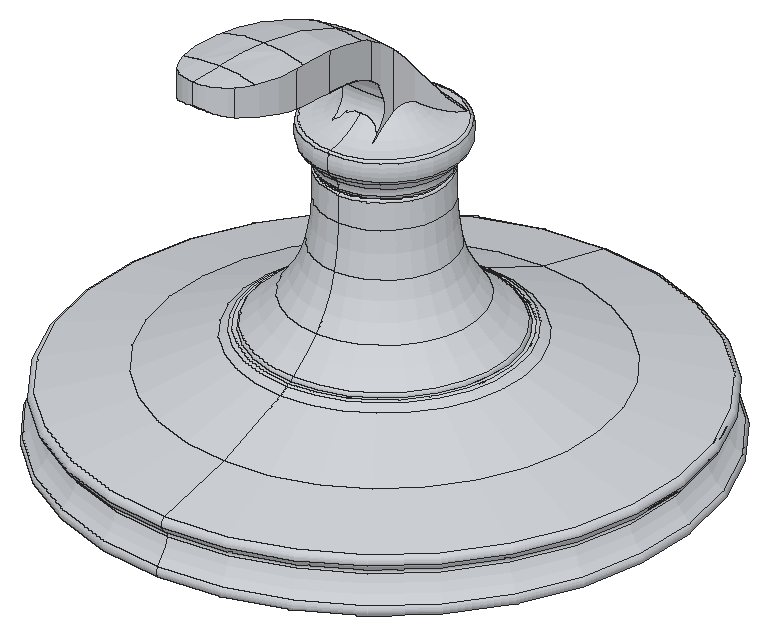
Revit family "Shower-Valve_Trim-KOHLER-BELLERA-K-TS23948", category Specialty Equipment, host Face, Revit 2017
Family settings
  Host = Face
  Round Connector Dimension = Use Diameter
  Part Type = Normal
  OmniClass Number = 23.31.25.00
  OmniClass Title = Toilet and Bath Specialties
  Cut with Voids When Loaded = No
  Shared = No
  Room Calculation Point = No
Parameters (values of type "4, CP-Polished Chrome")
  Width = 6 11/16"  # constant formula
  WaterSense Certified = 1 = 0  # no
  URL = "https://www.us.kohler.com/us/"
  Type = 1
  Product Page URL = "http://www.us.kohler.com/us/catalog/productDetails.jsp?productId=TS23948-4"
  Product Name = "BELLERA"  # constant formula
  Product Documentation Link = "https://www.us.kohler.com/webassets/kpna/catalog/pdf/en/K-TS23948-4_spec_US-CA_Kohler_en.pdf"
  Model = if(Type = 1, "K-TS23948-4-CP", if(Type = 2, "K-TS23948-4-BN", if(Type = 3, "K-TS23948-4-BL", if(Type = 4, "K-TS23948-4G-CP", if(Type = 5, "K-TS23948-4G-BN", if(Type = 6, "K-TS23948-4G-2BZ", "NA"))))))  # "K-TS23948-4-CP"
  Material = "Premium Metal Construction"  # constant formula
  Master Format 2014 Name = "Toilet, Bath, and Laundry Accessories"  # constant formula
  Master Format 2014 = "10 28 00"  # constant formula
  Manufacturer Address = "444 Highland Dr, Kohler, WI 53044"  # constant formula
  Manufacturer = "KOHLER Co."  # constant formula
  Length = 5"  # constant formula
  Height = 6 11/16"  # constant formula
  Handle Clearance = 2 13/16"  # constant formula
  Finish = Kohler-Metal-CP-Polished_Chrome
  Environmental Product Declaration = ""
  Description = "1H P/B VALVE FAUCET TRIM"  # constant formula
  Default Elevation = 42"
  Declare Label = ""
  Date Modified = "12/14/2021"  # constant formula
  Date Created = "12/14/2021"  # constant formula
  Copyright = "Copyright KOHLER Co."  # constant formula
  Contact Us = "https://www.us.kohler.com/us/static/contact.jsp"
  Assembly Code = "C1030200"
  ADA Compliant = 1 = 0  # no
Types (7): name | Type | Product Page URL | Product Documentation Link | Model | Finish
  (no name) | 1 | "http://www.us.kohler.com/us/catalog/productDetails.jsp?productId=TS23948-4" | "https://www.us.kohler.com/webassets/kpna/catalog/pdf/en/K-TS23948-4_spec_US-CA_Kohler_en.pdf" | "K-TS23948-4-CP" | Kohler-Metal-CP-Polished_Chrome
  4, CP-Polished Chrome | 1 | "http://www.us.kohler.com/us/catalog/productDetails.jsp?productId=TS23948-4" | "https://www.us.kohler.com/webassets/kpna/catalog/pdf/en/K-TS23948-4_spec_US-CA_Kohler_en.pdf" | "K-TS23948-4-CP" | Kohler-Metal-CP-Polished_Chrome
  4, BN-Vibrant Brushed Nickel | 2 | "http://www.us.kohler.com/us/catalog/productDetails.jsp?productId=TS23948-4" | "https://www.us.kohler.com/webassets/kpna/catalog/pdf/en/K-TS23948-4_spec_US-CA_Kohler_en.pdf" | "K-TS23948-4-BN" | Kohler-Metal-BN-Vibrant_Brushed_Nickel
  4, BL-Matte Black | 3 | "http://www.us.kohler.com/us/catalog/productDetails.jsp?productId=TS23948-4" | "https://www.us.kohler.com/webassets/kpna/catalog/pdf/en/K-TS23948-4_spec_US-CA_Kohler_en.pdf" | "K-TS23948-4-BL" | Kohler-Metal-BL-Matte_Black
  4G, CP-Polished Chrome | 4 | "http://www.us.kohler.com/us/catalog/productDetails.jsp?productId=TS23948-4G" | "https://www.us.kohler.com/webassets/kpna/catalog/pdf/en/K-TS23948-4G_spec_US-CA_Kohler_en.pdf" | "K-TS23948-4G-CP" | Kohler-Metal-CP-Polished_Chrome
  4G, BN-Vibrant Brushed Nickel | 5 | "http://www.us.kohler.com/us/catalog/productDetails.jsp?productId=TS23948-4G" | "https://www.us.kohler.com/webassets/kpna/catalog/pdf/en/K-TS23948-4G_spec_US-CA_Kohler_en.pdf" | "K-TS23948-4G-BN" | Kohler-Metal-BN-Vibrant_Brushed_Nickel
  4G, 2BZ-Oil Rubbed Bronze | 6 | "http://www.us.kohler.com/us/catalog/productDetails.jsp?productId=TS23948-4G" | "https://www.us.kohler.com/webassets/kpna/catalog/pdf/en/K-TS23948-4G_spec_US-CA_Kohler_en.pdf" | "K-TS23948-4G-2BZ" | Kohler-Metal-2BZ-Oil_Rubbed_Bronze
Reference planes (in)
  plane 1 "Center (Front/Back)": y = 0
  plane 2: z = 0
  plane 3 "Center (Left/Right)": x = 0
  plane 4: y = 3.34375
  plane 5: y = -2.8125
  plane 6: y = -3.34375
  plane 7: x = -3.34375
  plane 8: x = 3.34375
  plane 9: z = 5
  plane 10: z = 3.39397
Dimensions and locks (in)
  "Width": plane 7 to plane 8
  "Height": plane 4 to plane 6
  "Length": plane 9 to level
  "Handle Clearance": plane 1 "Center (Front/Back)" to plane 5
  aligned and locked: plane 2 to host face
  aligned and locked: level to host face
Automatic sketch dimensions
  host sketch curve to host sketch curve = 96"  (x2)
Nested families (in)
  nested 1: "K-TS23948" at (0, 0, 0), type "K-TS23948"
Definition of nested family "K-TS23948"
  Parameters (values of type "K-TS23948")
    Material = none
  Reference planes (in)
    plane 1 "Center (Front/Back)": y = 0
    plane 2: z = 0
    plane 3 "Center (Left/Right)": x = 0
    plane 4: x = -3.34375
    plane 5: x = 3.34375
    plane 6: y = 3.34375
    plane 7: y = -3.34375
    plane 8: y = -2.8125
    plane 9: z = 5
    plane 10: z = 3.39397
  Forms (in)
    Revolve 1, solid, material <- "Material", detail levels medium+fine
      sketch origin (0, 0, 0) x (0, 1, 0) y (0, 0, 1)
        loop
          line (0, 3.68492) -> (-0.27226, 3.68492)
          arc (-0.27226, 3.68492) -> (-0.49786, 3.47939) -> (-0.79043, 3.39251) r 0.68361
          arc (-0.79043, 3.39251) -> (-0.81006, 3.38491) -> (-0.82176, 3.36741) r 0.03495
          arc (-0.82176, 3.36741) -> (-0.83348, 3.26523) -> (-0.81059, 3.16497) r 0.30523
          arc (-0.81059, 3.16497) -> (-0.79888, 3.14366) -> (-0.78283, 3.1254) r 0.11175
          arc (-0.78283, 3.1254) -> (-0.74004, 3.08217) -> (-0.70172, 3.03493) r 0.61613
          arc (-0.70172, 3.03493) -> (-0.67551, 2.98689) -> (-0.6628, 2.93366) r 0.20698
          arc (-0.6628, 2.93366) -> (-0.65283, 2.91399) -> (-0.63226, 2.90608) r 0.0307
          line (-0.63226, 2.90608) -> (-0.54325, 2.90608)
          arc (-0.54325, 2.90608) -> (-0.54961, 2.89186) -> (-0.56405, 2.88604) r 0.02082
          line (-0.56405, 2.88604) -> (-0.64135, 2.88604)
          arc (-0.64135, 2.88604) -> (-0.65642, 2.87995) -> (-0.66304, 2.86509) r 0.02171
          arc (-0.66304, 2.86509) -> (-0.6669, 2.7221) -> (-0.66846, 2.57906) r 8.87166
          arc (-0.66846, 2.57906) -> (-0.683, 2.33363) -> (-0.72507, 2.09139) r 2.18137
          arc (-0.72507, 2.09139) -> (-0.82872, 1.80794) -> (-0.99789, 1.55801) r 1.23761
          arc (-0.99789, 1.55801) -> (-1.15773, 1.39416) -> (-1.33479, 1.24909) r 2.05566
          arc (-1.33479, 1.24909) -> (-1.34976, 1.23057) -> (-1.35355, 1.20706) r 0.04629
          line (-1.35355, 1.20706) -> (-1.39687, 1.20706)
          arc (-1.39687, 1.20706) -> (-1.41743, 1.20394) -> (-1.43613, 1.19487) r 0.06933
          arc (-1.43613, 1.19487) -> (-1.48037, 1.16622) -> (-1.52611, 1.14004) r 0.96378
          arc (-1.52611, 1.14004) -> (-1.92509, 0.95144) -> (-2.34121, 0.80449) r 4.32467
          arc (-2.34121, 0.80449) -> (-2.77597, 0.68989) -> (-3.21694, 0.60219) r 7.32165
          arc (-3.21694, 0.60219) -> (-3.26413, 0.56967) -> (-3.26937, 0.5126) r 0.06758
          arc (-3.26937, 0.5126) -> (-3.24105, 0.46513) -> (-3.19702, 0.43171) r 0.145
          arc (-3.19702, 0.43171) -> (-3.17517, 0.40892) -> (-3.17309, 0.37742) r 0.04615
          arc (-3.17309, 0.37742) -> (-3.23205, 0.24087) -> (-3.32283, 0.12306) r 0.59922
          arc (-3.32283, 0.12306) -> (-3.33819, 0.04443) -> (-3.27153, 0) r 0.07222
          line (-3.27153, 0) -> (0, 0) -> (0, 3.68492)
        axis (0, 3.68492) -> (0, 0)
      angle from 0 to 360
    Sweep 2, solid, material <- "Material", detail levels medium+fine
      path origin (0, 0, 0) x (0, 1, 0) y (0, 0, 1)
        loop
          line (0, 3.35373) -> (0, 3.48014)
          arc (0, 3.48014) -> (-0.14808, 3.94081) -> (-0.53686, 4.2289) r 0.79058
          line (-0.53686, 4.2289) -> (-2.8125, 5)
      profile origin (0, 0, 3.41693) x (0, -1, 0) y (1, 0, 0)
        loop
          circle (0, 0) r 0.77002
    Extrusion 3, void
      sketch origin (0, 0, 0) x (1, 0, 0) y (0, 1, 0)
        loop
          arc (-0.33613, -2.61437) -> (-0.46654, -2.26579) -> (-0.48992, -1.89435) r 1.26561
          arc (-0.48992, -1.89435) -> (-0.46066, -1.60963) -> (-0.42133, -1.32612) r 8.08229
          arc (-0.42133, -1.32612) -> (-0.35188, -0.92616) -> (-0.26934, -0.52869) r 12.37515
          arc (-0.26934, -0.52869) -> (-0.24598, -0.3594) -> (-0.25127, -0.18858) r 1.01807
          arc (-0.25127, -0.18858) -> (-0.5845, 0.67885) -> (-1.29499, 1.27776) r 1.86476
          line (-1.29499, 1.27776) -> (-1.29499, -3.13205) -> (0, -3.13205) -> (1.29499, -3.13205) -> (1.29499, 1.27776)
          arc (1.29499, 1.27776) -> (0.5845, 0.67885) -> (0.25127, -0.18858) r 1.86476
          arc (0.25127, -0.18858) -> (0.24598, -0.3594) -> (0.26934, -0.52869) r 1.01807
          arc (0.26934, -0.52869) -> (0.35188, -0.92616) -> (0.42133, -1.32612) r 12.37515
          arc (0.42133, -1.32612) -> (0.46066, -1.60963) -> (0.48992, -1.89435) r 8.08229
          arc (0.48992, -1.89435) -> (0.46654, -2.26579) -> (0.33613, -2.61437) r 1.26561
          arc (0.33613, -2.61437) -> (0.19509, -2.75928) -> (0, -2.8125) r 0.38419
          arc (0, -2.8125) -> (-0.19509, -2.75928) -> (-0.33613, -2.61437) r 0.38419
      from 2.72813 to 6.37032
    Sweep 4, void
      path origin (0, 0.0625, 0) x (0, 1, 0) y (0, 0, 1)
        loop
          line (-3.14453, 5) -> (-2.48284, 5)
          arc (-2.48284, 5) -> (-2.1566, 4.98944) -> (-1.83173, 4.95779) r 5.04356
          arc (-1.83173, 4.95779) -> (-1.28877, 4.84406) -> (-0.76971, 4.64834) r 3.60406
          arc (-0.76971, 4.64834) -> (-0.31538, 4.36278) -> (0.05531, 3.97477) r 2.17747
          arc (0.05531, 3.97477) -> (0.43299, 3.55756) -> (0.88379, 3.22068) r 2.91575
      profile origin (0, -2.75119, 5) x (0, 0, 1) y (1, 0, 0)
        loop
          line (-0.21834, -0.87779) -> (0.20712, -0.87779) -> (0.20712, 0) -> (0.20712, 0.87779) -> (-0.21834, 0.87779)
          arc (-0.21834, 0.87779) -> (-0.05541, 0.45227) -> (0, 0) r 1.87364
          arc (0, 0) -> (-0.05541, -0.45227) -> (-0.21834, -0.87779) r 1.87364
    Extrusion 5, void
      sketch origin (0, 0, 0) x (0, 1, 0) y (0, 0, 1)
        loop
          arc (-1.74753, 5.12445) -> (-1.17926, 5.00541) -> (-0.63599, 4.80056) r 3.77212
          arc (-0.63599, 4.80056) -> (-0.14659, 4.49296) -> (0.25271, 4.07501) r 2.34553
          arc (0.25271, 4.07501) -> (0.50751, 3.78158) -> (0.80382, 3.53012) r 2.55887
          line (0.80382, 3.53012) -> (0.80382, 4.94075) -> (-2.59087, 5.77578) -> (-2.7968, 5.16806) -> (-2.42034, 5.16806)
          arc (-2.42034, 5.16806) -> (-2.08323, 5.15715) -> (-1.74753, 5.12445) r 5.21162
      from -1.06275 to 1.45429
    Sweep 6, void
      path origin (0, -0.03125, -0.03906) x (0, 1, 0) y (0, 0, 1)
        loop
          arc (-0.84094, 3.39397) -> (-0.6151, 3.44039) -> (-0.4109, 3.54743) r 0.82583
          arc (-0.4109, 3.54743) -> (-0.31147, 3.68072) -> (-0.30701, 3.84696) r 0.27512
          arc (-0.30701, 3.84696) -> (-0.37367, 3.98508) -> (-0.48248, 4.09316) r 0.45455
          arc (-0.48248, 4.09316) -> (-0.61883, 4.17652) -> (-0.76469, 4.24184) r 1.25247
          arc (-0.76469, 4.24184) -> (-0.87029, 4.27706) -> (-0.9781, 4.30473) r 1.57664
          arc (-0.9781, 4.30473) -> (-1.16059, 4.3417) -> (-1.34418, 4.37277) r 5.78053
          arc (-1.34418, 4.37277) -> (-1.49761, 4.39658) -> (-1.65092, 4.42113) r 32.118
          arc (-1.65092, 4.42113) -> (-1.89706, 4.46506) -> (-2.14174, 4.51653) r 8.12441
          arc (-2.14174, 4.51653) -> (-2.3565, 4.5724) -> (-2.56729, 4.64177) r 3.49789
          arc (-2.56729, 4.64177) -> (-2.783, 4.76683) -> (-2.94247, 4.95852) r 0.71307
      profile origin (0, -1.92831, 4.42599) x (0, -0.190809, -0.981627) y (1, 0, 0)
        loop
          line (-0.17616, -0.81398) -> (0.08679, -0.81398) -> (0.08679, 0.81398) -> (-0.17616, 0.81398)
          arc (-0.17616, 0.81398) -> (-0.01647, 0) -> (-0.17616, -0.81398) r 2.15437
    Extrusion 7, void
      sketch origin (0, 0, 0) x (0, 1, 0) y (0, 0, 1)
        loop
          arc (-2.18353, 4.43093) -> (-2.40123, 4.48755) -> (-2.61489, 4.55787) r 3.54562
          arc (-2.61489, 4.55787) -> (-2.73224, 4.61238) -> (-2.83865, 4.68597) r 0.76079
          line (-2.83865, 4.68597) -> (-2.94238, 4.16296) -> (-0.77263, 3.41586)
          arc (-0.77263, 3.41586) -> (-0.61427, 3.46527) -> (-0.47, 3.54713) r 0.77811
          arc (-0.47, 3.54713) -> (-0.38781, 3.6573) -> (-0.38412, 3.7947) r 0.22739
          arc (-0.38412, 3.7947) -> (-0.44379, 3.91832) -> (-0.54117, 4.01505) r 0.40682
          arc (-0.54117, 4.01505) -> (-0.67233, 4.09524) -> (-0.81263, 4.15806) r 1.20475
          arc (-0.81263, 4.15806) -> (-0.91503, 4.19221) -> (-1.01958, 4.21905) r 1.52891
          arc (-1.01958, 4.21905) -> (-1.20056, 4.25571) -> (-1.38263, 4.28653) r 5.7328
          arc (-1.38263, 4.28653) -> (-1.53629, 4.31037) -> (-1.68983, 4.33496) r 32.16572
          arc (-1.68983, 4.33496) -> (-1.93742, 4.37914) -> (-2.18353, 4.43093) r 8.17214
      from -0.7721 to 1.39633
    Revolve 8, solid, material <- "Material", detail levels coarse
      sketch origin (0, 0, 0) x (0, 1, 0) y (0, 0, 1)
        loop
          line (3.34375, 0) -> (3.34375, 0.94487) -> (1.50701, 0.94487) -> (0.81268, 3.39397) -> (0, 3.39397) -> (0, 0) -> (3.34375, 0)
        axis (0, 3.39397) -> (0, 0)
      angle from 0 to 360
    Sweep 9, solid, material <- "Material", detail levels coarse
      path origin (0, 0, 0) x (0, 1, 0) y (0, 0, 1)
        loop
          line (0, 3.39397) -> (0, 3.61825)
          arc (0, 3.61825) -> (-0.11974, 3.97755) -> (-0.43107, 4.19318) r 0.59893
          line (-0.43107, 4.19318) -> (-2.8125, 4.88849)
      profile origin (0, 0, 3.50611) x (0, -1, 0) y (1, 0, 0)
        loop
          circle (0, 0) r 0.59578
  Cuts and joins
    Extrusion 3, Sweep 4, Extrusion 5, Sweep 6, Extrusion 7 cuts Sweep 2
  Lines and regions (in)
    Masking region 1
      outline origin (0, 0, 0) x (0, 1, 0) y (0, 0, 1)
        loop
          arc (3.27153, 0) -> (3.33819, 0.04443) -> (3.32283, 0.12306) r 0.07222
          arc (3.32283, 0.12306) -> (3.23205, 0.24087) -> (3.17309, 0.37742) r 0.59922
          arc (3.17309, 0.37742) -> (3.17517, 0.40892) -> (3.19702, 0.43171) r 0.04615
          arc (3.19702, 0.43171) -> (3.24105, 0.46513) -> (3.26937, 0.5126) r 0.145
          arc (3.26937, 0.5126) -> (3.26413, 0.56967) -> (3.21694, 0.60219) r 0.06758
          arc (3.21694, 0.60219) -> (2.77597, 0.68989) -> (2.34121, 0.80449) r 7.32165
          arc (2.34121, 0.80449) -> (1.92509, 0.95144) -> (1.52611, 1.14004) r 4.32467
          arc (1.52611, 1.14004) -> (1.48037, 1.16622) -> (1.43613, 1.19487) r 0.96378
          arc (1.43613, 1.19487) -> (1.41743, 1.20394) -> (1.39687, 1.20706) r 0.06933
          line (1.39687, 1.20706) -> (1.35355, 1.20706)
          arc (1.35355, 1.20706) -> (1.34976, 1.23057) -> (1.33479, 1.24909) r 0.04629
          arc (1.33479, 1.24909) -> (1.15773, 1.39416) -> (0.99789, 1.55801) r 2.05566
          arc (0.99789, 1.55801) -> (0.82872, 1.80794) -> (0.72507, 2.09139) r 1.23761
          arc (0.72507, 2.09139) -> (0.683, 2.33363) -> (0.66846, 2.57906) r 2.18137
          arc (0.66846, 2.57906) -> (0.6669, 2.7221) -> (0.66304, 2.86509) r 8.87166
          arc (0.66304, 2.86509) -> (0.65642, 2.87995) -> (0.64135, 2.88604) r 0.02171
          line (0.64135, 2.88604) -> (0.56405, 2.88604)
          arc (0.56405, 2.88604) -> (0.54961, 2.89186) -> (0.54325, 2.90608) r 0.02082
          line (0.54325, 2.90608) -> (0.63226, 2.90608)
          arc (0.63226, 2.90608) -> (0.65283, 2.91399) -> (0.6628, 2.93366) r 0.0307
          arc (0.6628, 2.93366) -> (0.67551, 2.98689) -> (0.70172, 3.03493) r 0.20698
          arc (0.70172, 3.03493) -> (0.74004, 3.08217) -> (0.78283, 3.1254) r 0.61613
          arc (0.78283, 3.1254) -> (0.79888, 3.14366) -> (0.81059, 3.16497) r 0.11175
          arc (0.81059, 3.16497) -> (0.83348, 3.26523) -> (0.82176, 3.36741) r 0.30523
          arc (0.82176, 3.36741) -> (0.80875, 3.3864) -> (0.78701, 3.39397) r 0.03688
          arc (0.78701, 3.39397) -> (0.74482, 3.41286) -> (0.70332, 3.4332) r 1.32617
          arc (0.70332, 3.4332) -> (0.45063, 3.60167) -> (0.24289, 3.82321) r 1.32617
          arc (0.24289, 3.82321) -> (0.13498, 3.96251) -> (0.02143, 4.09725) r 4.2807
          arc (0.02143, 4.09725) -> (-0.08964, 4.21584) -> (-0.20804, 4.32712) r 2.55222
          arc (-0.20804, 4.32712) -> (-0.45191, 4.5118) -> (-0.72049, 4.65824) r 2.05552
          arc (-0.72049, 4.65824) -> (-0.93892, 4.749) -> (-1.16253, 4.8261) r 3.82974
          arc (-1.16253, 4.8261) -> (-1.39277, 4.88903) -> (-1.62678, 4.93601) r 3.47644
          arc (-1.62678, 4.93601) -> (-2.01534, 4.98399) -> (-2.40651, 5.00001) r 4.78152
          line (-2.40651, 5.00001) -> (-2.75061, 5.00001)
          arc (-2.75061, 5.00001) -> (-2.79437, 4.98189) -> (-2.8125, 4.93813) r 0.06189
          line (-2.8125, 4.93813) -> (-2.8125, 4.83885)
          arc (-2.8125, 4.83885) -> (-2.79055, 4.75726) -> (-2.73061, 4.6977) r 0.16258
          arc (-2.73061, 4.6977) -> (-2.54675, 4.60823) -> (-2.35266, 4.5439) r 1.53992
          arc (-2.35266, 4.5439) -> (-2.00216, 4.46127) -> (-1.64835, 4.39419) r 8.15567
          arc (-1.64835, 4.39419) -> (-1.37518, 4.34718) -> (-1.10251, 4.29736) r 26.9139
          arc (-1.10251, 4.29736) -> (-0.85381, 4.23364) -> (-0.61546, 4.13827) r 1.97863
          arc (-0.61546, 4.13827) -> (-0.46323, 4.03199) -> (-0.3533, 3.88237) r 0.56903
          arc (-0.3533, 3.88237) -> (-0.32585, 3.71324) -> (-0.40144, 3.55948) r 0.28182
          arc (-0.40144, 3.55948) -> (-0.57747, 3.43769) -> (-0.78701, 3.39397) r 0.53929
          arc (-0.78701, 3.39397) -> (-0.80875, 3.3864) -> (-0.82176, 3.36741) r 0.03688
          arc (-0.82176, 3.36741) -> (-0.83348, 3.26523) -> (-0.81059, 3.16497) r 0.30523
          arc (-0.81059, 3.16497) -> (-0.79888, 3.14366) -> (-0.78283, 3.1254) r 0.11175
          arc (-0.78283, 3.1254) -> (-0.74004, 3.08217) -> (-0.70172, 3.03493) r 0.61613
          arc (-0.70172, 3.03493) -> (-0.67551, 2.98689) -> (-0.6628, 2.93366) r 0.20698
          arc (-0.6628, 2.93366) -> (-0.65283, 2.91399) -> (-0.63226, 2.90608) r 0.0307
          line (-0.63226, 2.90608) -> (-0.54325, 2.90608)
          arc (-0.54325, 2.90608) -> (-0.54961, 2.89186) -> (-0.56405, 2.88604) r 0.02082
          line (-0.56405, 2.88604) -> (-0.64135, 2.88604)
          arc (-0.64135, 2.88604) -> (-0.65642, 2.87995) -> (-0.66304, 2.86509) r 0.02171
          arc (-0.66304, 2.86509) -> (-0.6669, 2.7221) -> (-0.66846, 2.57906) r 8.87166
          arc (-0.66846, 2.57906) -> (-0.683, 2.33363) -> (-0.72507, 2.09139) r 2.18137
          arc (-0.72507, 2.09139) -> (-0.82872, 1.80794) -> (-0.99789, 1.55801) r 1.23761
          arc (-0.99789, 1.55801) -> (-1.15773, 1.39416) -> (-1.33479, 1.24909) r 2.05566
          arc (-1.33479, 1.24909) -> (-1.34976, 1.23057) -> (-1.35355, 1.20706) r 0.04629
          line (-1.35355, 1.20706) -> (-1.39687, 1.20706)
          arc (-1.39687, 1.20706) -> (-1.41743, 1.20394) -> (-1.43613, 1.19487) r 0.06933
          arc (-1.43613, 1.19487) -> (-1.48037, 1.16622) -> (-1.52611, 1.14004) r 0.96378
          arc (-1.52611, 1.14004) -> (-1.92509, 0.95144) -> (-2.34121, 0.80449) r 4.32467
          arc (-2.34121, 0.80449) -> (-2.77597, 0.68989) -> (-3.21694, 0.60219) r 7.32165
          arc (-3.21694, 0.60219) -> (-3.26413, 0.56967) -> (-3.26937, 0.5126) r 0.06758
          arc (-3.26937, 0.5126) -> (-3.24105, 0.46513) -> (-3.19702, 0.43171) r 0.145
          arc (-3.19702, 0.43171) -> (-3.17517, 0.40892) -> (-3.17309, 0.37742) r 0.04615
          arc (-3.17309, 0.37742) -> (-3.23205, 0.24087) -> (-3.32283, 0.12306) r 0.59922
          arc (-3.32283, 0.12306) -> (-3.33819, 0.04443) -> (-3.27153, 0) r 0.07222
          line (-3.27153, 0) -> (0, 0) -> (3.27153, 0)
    Masking region 2
      outline origin (0, 0, 0) x (1, 0, 0) y (0, 0, 1)
        loop
          arc (3.27153, 0) -> (3.33819, 0.04443) -> (3.32283, 0.12306) r 0.07222
          arc (3.32283, 0.12306) -> (3.23205, 0.24087) -> (3.17309, 0.37742) r 0.59922
          arc (3.17309, 0.37742) -> (3.17517, 0.40892) -> (3.19702, 0.43171) r 0.04615
          arc (3.19702, 0.43171) -> (3.24105, 0.46513) -> (3.26937, 0.5126) r 0.145
          arc (3.26937, 0.5126) -> (3.26413, 0.56967) -> (3.21694, 0.60219) r 0.06758
          arc (3.21694, 0.60219) -> (2.77597, 0.68989) -> (2.34121, 0.80449) r 7.32165
          arc (2.34121, 0.80449) -> (1.92509, 0.95144) -> (1.52611, 1.14004) r 4.32467
          arc (1.52611, 1.14004) -> (1.48037, 1.16622) -> (1.43613, 1.19487) r 0.96378
          arc (1.43613, 1.19487) -> (1.41743, 1.20394) -> (1.39687, 1.20706) r 0.06933
          line (1.39687, 1.20706) -> (1.35355, 1.20706)
          arc (1.35355, 1.20706) -> (1.34976, 1.23057) -> (1.33479, 1.24909) r 0.04629
          arc (1.33479, 1.24909) -> (1.15773, 1.39416) -> (0.99789, 1.55801) r 2.05566
          arc (0.99789, 1.55801) -> (0.82872, 1.80794) -> (0.72507, 2.09139) r 1.23761
          arc (0.72507, 2.09139) -> (0.683, 2.33363) -> (0.66846, 2.57906) r 2.18137
          arc (0.66846, 2.57906) -> (0.6669, 2.7221) -> (0.66304, 2.86509) r 8.87166
          arc (0.66304, 2.86509) -> (0.65642, 2.87995) -> (0.64135, 2.88604) r 0.02171
          line (0.64135, 2.88604) -> (0.56405, 2.88604)
          arc (0.56405, 2.88604) -> (0.54961, 2.89186) -> (0.54325, 2.90608) r 0.02082
          line (0.54325, 2.90608) -> (0.63226, 2.90608)
          arc (0.63226, 2.90608) -> (0.65283, 2.91399) -> (0.6628, 2.93366) r 0.0307
          arc (0.6628, 2.93366) -> (0.67551, 2.98689) -> (0.70172, 3.03493) r 0.20698
          arc (0.70172, 3.03493) -> (0.74004, 3.08217) -> (0.78283, 3.1254) r 0.61613
          arc (0.78283, 3.1254) -> (0.79888, 3.14366) -> (0.81059, 3.16497) r 0.11175
          arc (0.81059, 3.16497) -> (0.83348, 3.26523) -> (0.82176, 3.36741) r 0.30523
          arc (0.82176, 3.36741) -> (0.80875, 3.3864) -> (0.78701, 3.39397) r 0.03688
          arc (0.78701, 3.39397) -> (0.64491, 3.41389) -> (0.51311, 3.47059) r 0.53929
          arc (0.51311, 3.47059) -> (0.47584, 3.49733) -> (0.44349, 3.52984) r 0.27733
          spline (0.44349, 3.52984) -> (0.42812, 3.56345) -> (0.41347, 3.59749) -> (0.39954, 3.63196) -> (0.38633, 3.66685) -> (0.37385, 3.70215) -> (0.36211, 3.73784) -> (0.3511, 3.77392) -> (0.34083, 3.81037) -> (0.33131, 3.84718) -> (0.32253, 3.88433) -> (0.3145, 3.92183) -> (0.30723, 3.95965)
          arc (0.30723, 3.95965) -> (0.29826, 4.00867) -> (0.28917, 4.05767) r 19.98408
          arc (0.28917, 4.05767) -> (0.28562, 4.13306) -> (0.30272, 4.20658) r 0.2749
          arc (0.30272, 4.20658) -> (0.33514, 4.272) -> (0.37919, 4.33022) r 0.38959
          arc (0.37919, 4.33022) -> (0.42971, 4.39173) -> (0.47332, 4.45832) r 0.73862
          arc (0.47332, 4.45832) -> (0.48941, 4.49698) -> (0.4949, 4.5385) r 0.15971
          line (0.4949, 4.5385) -> (0.4949, 4.89808)
          arc (0.4949, 4.89808) -> (0.48477, 4.92743) -> (0.4587, 4.94429) r 0.0476
          arc (0.4587, 4.94429) -> (0.23103, 4.98603) -> (0, 5.00001) r 1.91585
          arc (0, 5.00001) -> (-0.23103, 4.98603) -> (-0.4587, 4.94429) r 1.91585
          arc (-0.4587, 4.94429) -> (-0.48477, 4.92743) -> (-0.4949, 4.89808) r 0.0476
          line (-0.4949, 4.89808) -> (-0.4949, 4.5385)
          arc (-0.4949, 4.5385) -> (-0.48941, 4.49698) -> (-0.47332, 4.45832) r 0.15971
          arc (-0.47332, 4.45832) -> (-0.42971, 4.39173) -> (-0.37919, 4.33022) r 0.73862
          arc (-0.37919, 4.33022) -> (-0.33514, 4.272) -> (-0.30272, 4.20658) r 0.38959
          arc (-0.30272, 4.20658) -> (-0.28562, 4.13306) -> (-0.28917, 4.05767) r 0.2749
          arc (-0.28917, 4.05767) -> (-0.29826, 4.00867) -> (-0.30723, 3.95965) r 19.98408
          spline (-0.30723, 3.95965) -> (-0.31481, 3.92033) -> (-0.32321, 3.88135) -> (-0.33241, 3.84275) -> (-0.34242, 3.80452) -> (-0.35324, 3.76669) -> (-0.36486, 3.72926) -> (-0.37727, 3.69225) -> (-0.39047, 3.65567) -> (-0.40446, 3.61953) -> (-0.41924, 3.58385) -> (-0.43478, 3.54863) -> (-0.45111, 3.5139)
          arc (-0.45111, 3.5139) -> (-0.60886, 3.42536) -> (-0.78701, 3.39397) r 0.53929
          arc (-0.78701, 3.39397) -> (-0.80875, 3.3864) -> (-0.82176, 3.36741) r 0.03688
          arc (-0.82176, 3.36741) -> (-0.83348, 3.26523) -> (-0.81059, 3.16497) r 0.30523
          arc (-0.81059, 3.16497) -> (-0.79888, 3.14366) -> (-0.78283, 3.1254) r 0.11175
          arc (-0.78283, 3.1254) -> (-0.74004, 3.08217) -> (-0.70172, 3.03493) r 0.61613
          arc (-0.70172, 3.03493) -> (-0.67551, 2.98689) -> (-0.6628, 2.93366) r 0.20698
          arc (-0.6628, 2.93366) -> (-0.65283, 2.91399) -> (-0.63226, 2.90608) r 0.0307
          line (-0.63226, 2.90608) -> (-0.54325, 2.90608)
          arc (-0.54325, 2.90608) -> (-0.54961, 2.89186) -> (-0.56405, 2.88604) r 0.02082
          line (-0.56405, 2.88604) -> (-0.64135, 2.88604)
          arc (-0.64135, 2.88604) -> (-0.65642, 2.87995) -> (-0.66304, 2.86509) r 0.02171
          arc (-0.66304, 2.86509) -> (-0.6669, 2.7221) -> (-0.66846, 2.57906) r 8.87166
          arc (-0.66846, 2.57906) -> (-0.683, 2.33363) -> (-0.72507, 2.09139) r 2.18137
          arc (-0.72507, 2.09139) -> (-0.82872, 1.80794) -> (-0.99789, 1.55801) r 1.23761
          arc (-0.99789, 1.55801) -> (-1.15773, 1.39416) -> (-1.33479, 1.24909) r 2.05566
          arc (-1.33479, 1.24909) -> (-1.34976, 1.23057) -> (-1.35355, 1.20706) r 0.04629
          line (-1.35355, 1.20706) -> (-1.39687, 1.20706)
          arc (-1.39687, 1.20706) -> (-1.41743, 1.20394) -> (-1.43613, 1.19487) r 0.06933
          arc (-1.43613, 1.19487) -> (-1.48037, 1.16622) -> (-1.52611, 1.14004) r 0.96378
          arc (-1.52611, 1.14004) -> (-1.92509, 0.95144) -> (-2.34121, 0.80449) r 4.32467
          arc (-2.34121, 0.80449) -> (-2.77597, 0.68989) -> (-3.21694, 0.60219) r 7.32165
          arc (-3.21694, 0.60219) -> (-3.26413, 0.56967) -> (-3.26937, 0.5126) r 0.06758
          arc (-3.26937, 0.5126) -> (-3.24105, 0.46513) -> (-3.19702, 0.43171) r 0.145
          arc (-3.19702, 0.43171) -> (-3.17517, 0.40892) -> (-3.17309, 0.37742) r 0.04615
          arc (-3.17309, 0.37742) -> (-3.23205, 0.24087) -> (-3.32283, 0.12306) r 0.59922
          arc (-3.32283, 0.12306) -> (-3.33819, 0.04443) -> (-3.27153, 0) r 0.07222
          line (-3.27153, 0) -> (0, 0) -> (3.27153, 0)
    Masking region 3
      outline origin (0, 0, 0) x (1, 0, 0) y (0, 1, 0)
        loop
          arc (0, 3.34375) -> (-2.36439, 2.36439) -> (-3.34375, 0) r 3.34375
          arc (-3.34375, 0) -> (-2.36439, -2.36439) -> (0, -3.34375) r 3.34375
          arc (0, -3.34375) -> (2.36439, -2.36439) -> (3.34375, 0) r 3.34375
          arc (3.34375, 0) -> (2.36439, 2.36439) -> (0, 3.34375) r 3.34375
    symbolic lines, detail levels medium+fine
      curve 1: line (0, 1.35355, 1.20706) -> (0, -1.35355, 1.20706)
      curve 2: line (0, 1.49997, 1.1546) -> (0, -1.49997, 1.1546)
      curve 3: line (0, 1.33479, 1.24909) -> (0, -1.33479, 1.24909)
      curve 4: line (0, 0.54325, 2.90608) -> (0, -0.54325, 2.90608)
      curve 5: line (0, -0.56405, 2.88604) -> (0, 0.56405, 2.88604)
      curve 6: line (0, 0.66846, 2.57906) -> (0, -0.66846, 2.57906)
      curve 7: line (0, 0.83048, 3.23622) -> (0, -0.83048, 3.23622)
      curve 8: line (0, -0.78701, 3.39397) -> (0, 0.78701, 3.39397)
      curve 9: line (0, 0.82176, 3.36741) -> (0, -0.82176, 3.36741)
      curve 10: arc (0, -1.82552, 4.90538) -> (0, -2.11165, 4.93073) -> (0, -2.39851, 4.94545) r 7.73878
      curve 11: arc (0, -2.39851, 4.94545) -> (0, -2.6056, 4.947) -> (0, -2.8125, 4.93813) r 4.11082
      curve 12: arc (0, -1.03114, 4.73513) -> (0, -1.42389, 4.84097) -> (0, -1.82552, 4.90538) r 3.90579
      curve 13: arc (0, -0.37253, 4.40272) -> (0, -0.68917, 4.59402) -> (0, -1.03114, 4.73513) r 2.43459
      curve 14: arc (0, 0.05284, 4.00534) -> (0, -0.14673, 4.21808) -> (0, -0.37253, 4.40272) r 2.21318
      curve 15: arc (0, 0.34087, 3.66841) -> (0, 0.19518, 3.83545) -> (0, 0.05284, 4.00534) r 11.18581
      curve 16: arc (0, 0.70218, 3.39397) -> (0, 0.50817, 3.5136) -> (0, 0.34087, 3.66841) r 1.17639
      curve 17: arc (0, -1.49215, 4.57889) -> (0, -1.9432, 4.65618) -> (0, -2.39035, 4.75348) r 10.27654
      curve 18: arc (0, -2.39035, 4.75348) -> (0, -2.60064, 4.80007) -> (0, -2.8125, 4.83885) r 5.82393
      curve 19: arc (0, -0.53126, 3.39397) -> (0, -0.30161, 3.54401) -> (0, -0.20464, 3.80063) r 0.44217
      curve 20: arc (0, -0.4195, 4.14574) -> (0, -0.93012, 4.42599) -> (0, -1.49215, 4.57889) r 2.47029
      curve 21: arc (0, -0.20464, 3.80063) -> (0, -0.27765, 3.99461) -> (0, -0.4195, 4.14574) r 0.52973
      curve 22: line (1.35355, 0, 1.20706) -> (-1.35355, 0, 1.20706)
      curve 23: line (1.33479, 0, 1.24909) -> (-1.33479, 0, 1.24909)
      curve 24: line (0, 0.6628, 2.93366) -> (0, -0.6628, 2.93366)
      curve 25: line (0, 0.66304, 2.86509) -> (0, -0.66304, 2.86509)
      curve 26: line (1.49997, 0, 1.1546) -> (-1.49997, 0, 1.1546)
      curve 27: line (0.66846, 0, 2.57906) -> (-0.66846, 0, 2.57906)
      curve 28: line (0.56405, 0, 2.88604) -> (-0.56632, 0, 2.88604)
      curve 29: line (-0.54325, 0, 2.90608) -> (0.54325, 0, 2.90608)
      curve 30: line (0.66304, 0, 2.86509) -> (-0.66304, 0, 2.86509)
      curve 31: line (-0.6628, 0, 2.93366) -> (0.6628, 0, 2.93366)
      curve 32: line (0.83048, 0, 3.23622) -> (-0.83048, 0, 3.23622)
      curve 33: line (-0.82176, 0, 3.36741) -> (0.82176, 0, 3.36741)
      curve 34: line (0.78701, 0, 3.39397) -> (-0.78701, 0, 3.39397)
      curve 35: spline (0.25127, 0, 4.28552) -> (0.24852, 0, 4.30923) -> (0.24654, 0, 4.33242) -> (0.24534, 0, 4.35508) -> (0.24492, 0, 4.37719) -> (0.24527, 0, 4.39873) -> (0.2464, 0, 4.41968) -> (0.2483, 0, 4.44002) -> (0.25097, 0, 4.45972) -> (0.25442, 0, 4.47878) -> (0.25863, 0, 4.49718) -> (0.26361, 0, 4.5149) -> (0.26934, 0, 4.53191)
      curve 36: spline (0.26934, 0, 4.53191) -> (0.27277, 0, 4.54034) -> (0.2762, 0, 4.54864) -> (0.27963, 0, 4.55681) -> (0.28305, 0, 4.56485) -> (0.28646, 0, 4.57275) -> (0.28986, 0, 4.58053) -> (0.29326, 0, 4.58818) -> (0.29665, 0, 4.59569) -> (0.30004, 0, 4.60307) -> (0.30342, 0, 4.61032) -> (0.30679, 0, 4.61743) -> (0.31015, 0, 4.62441)
      curve 37: spline (0.31015, 0, 4.62441) -> (0.32029, 0, 4.64505) -> (0.33027, 0, 4.66495) -> (0.3401, 0, 4.68409) -> (0.34978, 0, 4.70248) -> (0.3593, 0, 4.72012) -> (0.36866, 0, 4.73699) -> (0.37786, 0, 4.75309) -> (0.38689, 0, 4.76843) -> (0.39575, 0, 4.78299) -> (0.40445, 0, 4.79677) -> (0.41298, 0, 4.80977) -> (0.42133, 0, 4.82199)
      curve 38: arc (0.47912, 0, 4.89602) -> (0.48674, 0, 4.91086) -> (0.48477, 0, 4.92743) r 0.0286
      curve 39: arc (0.28917, 0, 4.05767) -> (0.26824, 0, 4.17127) -> (0.25127, 0, 4.28552) r 3.32448
      curve 40: spline (-0.25127, 0, 4.28552) -> (-0.24852, 0, 4.30923) -> (-0.24654, 0, 4.33242) -> (-0.24534, 0, 4.35508) -> (-0.24492, 0, 4.37719) -> (-0.24527, 0, 4.39873) -> (-0.2464, 0, 4.41968) -> (-0.2483, 0, 4.44002) -> (-0.25097, 0, 4.45972) -> (-0.25442, 0, 4.47878) -> (-0.25863, 0, 4.49718) -> (-0.26361, 0, 4.5149) -> (-0.26934, 0, 4.53191)
      curve 41: spline (-0.26934, 0, 4.53191) -> (-0.27277, 0, 4.54034) -> (-0.2762, 0, 4.54864) -> (-0.27963, 0, 4.55681) -> (-0.28305, 0, 4.56485) -> (-0.28646, 0, 4.57275) -> (-0.28986, 0, 4.58053) -> (-0.29326, 0, 4.58818) -> (-0.29665, 0, 4.59569) -> (-0.30004, 0, 4.60307) -> (-0.30342, 0, 4.61032) -> (-0.30679, 0, 4.61743) -> (-0.31015, 0, 4.62441)
      curve 42: spline (-0.31015, 0, 4.62441) -> (-0.32029, 0, 4.64505) -> (-0.33027, 0, 4.66495) -> (-0.3401, 0, 4.68409) -> (-0.34978, 0, 4.70248) -> (-0.3593, 0, 4.72012) -> (-0.36866, 0, 4.73699) -> (-0.37786, 0, 4.75309) -> (-0.38689, 0, 4.76843) -> (-0.39575, 0, 4.78299) -> (-0.40445, 0, 4.79677) -> (-0.41298, 0, 4.80977) -> (-0.42133, 0, 4.82199)
      curve 43: arc (-0.47912, 0, 4.89602) -> (-0.48674, 0, 4.91086) -> (-0.48477, 0, 4.92743) r 0.0286
      curve 44: arc (-0.28917, 0, 4.05767) -> (-0.26824, 0, 4.17127) -> (-0.25127, 0, 4.28552) r 3.32448
      curve 45: arc (0.40878, 0, 4.90577) -> (0.20663, 0, 4.95116) -> (0, 0, 4.9664) r 1.40816
      curve 46: arc (-0.40878, 0, 4.90577) -> (-0.20663, 0, 4.95116) -> (0, 0, 4.9664) r 1.40816
      curve 47: arc (0.42133, 0, 4.82199) -> (0.44925, 0, 4.85976) -> (0.47912, 0, 4.89602) r 0.89276
      curve 48: arc (-0.42133, 0, 4.82199) -> (-0.44925, 0, 4.85976) -> (-0.47912, 0, 4.89602) r 0.89276
      curve 49: arc (0.42912, 0, 4.83295) -> (0.43893, 0, 4.87494) -> (0.40878, 0, 4.90577) r 0.04482
      curve 50: arc (-0.42912, 0, 4.83295) -> (-0.43893, 0, 4.87494) -> (-0.40878, 0, 4.90577) r 0.04482
      curve 51: circle (0, 0, 0) r 3.26992 normal (0, 0, 1)
      curve 52: arc (0, -2.8125, 0) -> (-0.19509, -2.75928, 0) -> (-0.33613, -2.61437, 0) r 0.38419
      curve 53: arc (-0.33613, -2.61437, 0) -> (-0.46654, -2.26579, 0) -> (-0.48992, -1.89435, 0) r 1.26561
      curve 54: arc (-0.48992, -1.89435, 0) -> (-0.46066, -1.60963, 0) -> (-0.42133, -1.32612, 0) r 8.08229
      curve 55: arc (-0.42133, -1.32612, 0) -> (-0.35188, -0.92616, 0) -> (-0.26934, -0.52869, 0) r 12.37515
      curve 56: arc (-0.26934, -0.52869, 0) -> (-0.24598, -0.3594, 0) -> (-0.25127, -0.18858, 0) r 1.01807
      curve 57: arc (-0.25127, -0.18858, 0) -> (-0.29343, 0.04494, 0) -> (-0.36491, 0.27122, 0) r 1.86476
      curve 58: arc (-0.36491, 0.27122, 0) -> (-0.4561, 0.43756, 0) -> (-0.58748, 0.5744, 0) r 0.7217
      curve 59: arc (0, -2.8125, 0) -> (0.19509, -2.75928, 0) -> (0.33613, -2.61437, 0) r 0.38419
      curve 60: arc (0.33613, -2.61437, 0) -> (0.46654, -2.26579, 0) -> (0.48992, -1.89435, 0) r 1.26561
      curve 61: arc (0.48992, -1.89435, 0) -> (0.46066, -1.60963, 0) -> (0.42133, -1.32612, 0) r 8.08229
      curve 62: arc (0.42133, -1.32612, 0) -> (0.35188, -0.92616, 0) -> (0.26934, -0.52869, 0) r 12.37515
      curve 63: arc (0.26934, -0.52869, 0) -> (0.24598, -0.3594, 0) -> (0.25127, -0.18858, 0) r 1.01807
      curve 64: arc (0.25127, -0.18858, 0) -> (0.29343, 0.04494, 0) -> (0.36491, 0.27122, 0) r 1.86476
      curve 65: arc (0.36491, 0.27122, 0) -> (0.4561, 0.43756, 0) -> (0.58748, 0.5744, 0) r 0.7217
      curve 66: arc (0.4149, -1.28554, 0) -> (0, 1.35083, 0) -> (-0.4149, -1.28554, 0) r 1.35083
      curve 67: arc (0.42566, -1.35405, 0) -> (0, 1.41938, 0) -> (-0.42566, -1.35405, 0) r 1.41938
      curve 68: arc (0.31849, -0.75738, 0) -> (0, 0.82162, 0) -> (-0.31849, -0.75738, 0) r 0.82162
      curve 69: arc (0.3222, -0.77557, 0) -> (0, 0.83983, 0) -> (-0.3222, -0.77557, 0) r 0.83983
      curve 70: arc (0.34415, -1.33823, 0) -> (0.27513, -0.94079, 0) -> (0.19312, -0.54583, 0) r 12.29703
      curve 71: arc (0.41208, -1.90096, 0) -> (0.3831, -1.61899, 0) -> (0.34415, -1.33823, 0) r 8.00417
      curve 72: arc (0.26778, -2.57654, 0) -> (0.39014, -2.24947, 0) -> (0.41208, -1.90096, 0) r 1.18749
      curve 73: arc (0, -2.73438, 0) -> (0.15542, -2.69198, 0) -> (0.26778, -2.57654, 0) r 0.30607
      curve 74: arc (0, -2.73438, 0) -> (-0.15542, -2.69198, 0) -> (-0.26778, -2.57654, 0) r 0.30607
      curve 75: arc (-0.26778, -2.57654, 0) -> (-0.39014, -2.24947, 0) -> (-0.41208, -1.90096, 0) r 1.18749
      curve 76: arc (-0.41208, -1.90096, 0) -> (-0.3831, -1.61899, 0) -> (-0.34415, -1.33823, 0) r 8.00417
      curve 77: arc (-0.34415, -1.33823, 0) -> (-0.27513, -0.94079, 0) -> (-0.19312, -0.54583, 0) r 12.29703
      curve 78: arc (-0.19312, -0.54583, 0) -> (-0.17912, -0.31838, 0) -> (-0.23726, -0.09804, 0) r 0.71648
      curve 79: arc (-0.23726, -0.09804, 0) -> (-0.25964, -0.04881, 0) -> (-0.28291, 0, 0) r 2.97937
      curve 80: arc (0.19312, -0.54583, 0) -> (0.17912, -0.31838, 0) -> (0.23726, -0.09804, 0) r 0.71648
      curve 81: arc (0.23726, -0.09804, 0) -> (0.25964, -0.04881, 0) -> (0.28291, 0, 0) r 2.97937
      curve 82: arc (-0.74903, -0.33766, 0) -> (-0.60745, -0.19247, 0) -> (-0.4049, -0.18253, 0) r 0.2772
      curve 83: arc (-0.4049, -0.18253, 0) -> (-0.30223, -0.25011, 0) -> (-0.24598, -0.3594, 0) r 0.24209
      curve 84: arc (0.74903, -0.33766, 0) -> (0.60745, -0.19247, 0) -> (0.4049, -0.18253, 0) r 0.2772
      curve 85: arc (0.4049, -0.18253, 0) -> (0.30223, -0.25011, 0) -> (0.24598, -0.3594, 0) r 0.24209
  Dimensions and locks (in)
    plane 4 to plane 5 = 6 11/16"
    plane 8 to plane 1 "Center (Front/Back)" = 2 13/16"
    plane 9 to level = 5"
    aligned and locked: plane 2 to level
